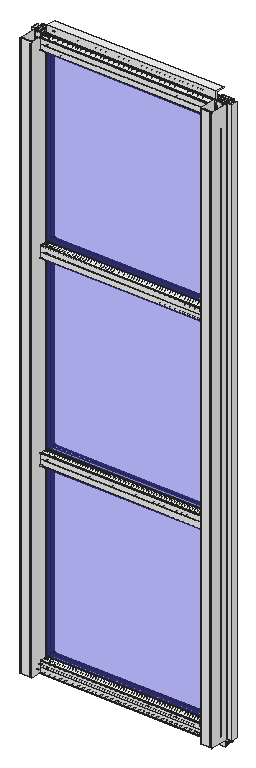
Revit family "Facade_60_Curtain_Wall_S13_Custom", category Windows, host Wall, Revit 2014 (continued)
Definition of nested family "F60 Vertical Profile Side_S13_Cust"
  Automatic sketch dimensions
    Extrusion 9 sketch curve to Extrusion 9 sketch curve = 1.393 mm
    Extrusion 9 sketch curve to Extrusion 9 sketch curve = 1.923 mm
    Extrusion 9 sketch curve to Extrusion 9 sketch curve = 11.937 mm
    Extrusion 9 sketch curve to Extrusion 9 sketch curve = 1.6 mm
    Extrusion 9 sketch curve to Extrusion 9 sketch curve = 0.9 mm  (x2)
    Extrusion 9 sketch curve to Extrusion 9 sketch curve = 1.356 mm  (x2)
    Extrusion 9 sketch curve to Extrusion 9 sketch curve = 0.714 mm
    Extrusion 9 sketch curve to Extrusion 9 sketch curve = 0.02 mm
    Extrusion 9 sketch curve to Extrusion 9 sketch curve = 0.399 mm
    Extrusion 9 sketch curve to Extrusion 9 sketch curve = 2.224 mm
    Extrusion 9 sketch curve to Extrusion 9 sketch curve = 0.448 mm
    Extrusion 9 sketch curve to plane 1 "Center (Front/Back)" = 0.198 mm
    Extrusion 9 sketch curve to plane 1 "Center (Front/Back)" = 0.201 mm
    Extrusion 9 sketch curve to Extrusion 9 sketch curve = 0.032 mm
    Extrusion 9 sketch curve to Extrusion 9 sketch curve = 0 mm
    plane 3 "Center (Left/Right)" to Extrusion 10 sketch curve = 1.014 mm
    Extrusion 10 sketch curve to Extrusion 10 sketch curve = 0.469 mm  (x2)
    plane 3 "Center (Left/Right)" to Extrusion 10 sketch curve = 1.706 mm
    Extrusion 10 sketch curve to Extrusion 10 sketch curve = 1.079 mm
    Extrusion 10 sketch curve to Extrusion 10 sketch curve = 0.864 mm
    Extrusion 10 sketch curve to Extrusion 10 sketch curve = 1.15 mm  (x4)
    Extrusion 10 sketch curve to Extrusion 10 sketch curve = 3.2 mm  (x2)
    Extrusion 10 sketch curve to Extrusion 10 sketch curve = 3.031 mm  (x2)
    Extrusion 10 sketch curve to Extrusion 10 sketch curve = 0.6 mm  (x3)
    Extrusion 10 sketch curve to Extrusion 10 sketch curve = 15.584 mm  (x2)
    Extrusion 10 sketch curve to Extrusion 10 sketch curve = 0.808 mm  (x2)
    Extrusion 10 sketch curve to Extrusion 10 sketch curve = 3.038 mm
    Extrusion 10 sketch curve to Extrusion 10 sketch curve = 0.865 mm
    Extrusion 10 sketch curve to Extrusion 10 sketch curve = 1.25 mm  (x5)
    Extrusion 10 sketch curve to Extrusion 10 sketch curve = 0.61 mm
    plane 1 "Center (Front/Back)" to Extrusion 10 sketch curve = 31.288 mm
    Extrusion 10 sketch curve to Extrusion 10 sketch curve = 0.362 mm
    plane 1 "Center (Front/Back)" to Extrusion 10 sketch curve = 31.65 mm
    Extrusion 10 sketch curve to Extrusion 10 sketch curve = 0.962 mm
    Extrusion 10 sketch curve to Extrusion 10 sketch curve = 0.85 mm
    Extrusion 10 sketch curve to Extrusion 10 sketch curve = 0.512 mm  (x2)
    Extrusion 10 sketch curve to Extrusion 10 sketch curve = 0.4 mm  (x2)
    Extrusion 10 sketch curve to Extrusion 10 sketch curve = 1 mm
    Extrusion 10 sketch curve to Extrusion 10 sketch curve = 2.8 mm
    Extrusion 10 sketch curve to Extrusion 10 sketch curve = 0 mm  (x2)
    Extrusion 10 sketch curve to Extrusion 10 sketch curve = 1.4 mm
    Extrusion 10 sketch curve to Extrusion 10 sketch curve = 0.539 mm  (x2)
    plane 1 "Center (Front/Back)" to Extrusion 10 sketch curve = 28.864 mm
    Extrusion 11 sketch curve to plane 3 "Center (Left/Right)" = 0 mm
    plane 3 "Center (Left/Right)" to Extrusion 11 sketch curve = 0.65 mm
    Extrusion 11 sketch curve to Extrusion 11 sketch curve = 0.128 mm  (x2)
    plane 3 "Center (Left/Right)" to Extrusion 11 sketch curve = 1.014 mm
    plane 3 "Center (Left/Right)" to Extrusion 11 sketch curve = 1.05 mm
    Extrusion 11 sketch curve to Extrusion 11 sketch curve = 0.469 mm  (x2)
    Extrusion 11 sketch curve to Extrusion 11 sketch curve = 1.079 mm
    Extrusion 11 sketch curve to Extrusion 11 sketch curve = 1.317 mm  (x2)
    Extrusion 11 sketch curve to Extrusion 11 sketch curve = 0 mm  (x3)
    plane 3 "Center (Left/Right)" to Extrusion 11 sketch curve = 3.85 mm
    Extrusion 11 sketch curve to Extrusion 11 sketch curve = 0.15 mm  (x2)
    Extrusion 11 sketch curve to Extrusion 11 sketch curve = 26 mm  (x2)
    Extrusion 11 sketch curve to Extrusion 11 sketch curve = 1.05 mm
    Extrusion 11 sketch curve to Extrusion 11 sketch curve = 0.707 mm
    Extrusion 11 sketch curve to Extrusion 11 sketch curve = 0.433 mm
    plane 1 "Center (Front/Back)" to Extrusion 11 sketch curve = 31.288 mm
    plane 1 "Center (Front/Back)" to Extrusion 11 sketch curve = 28.065 mm
    Extrusion 11 sketch curve to Extrusion 11 sketch curve = 1.314 mm
    Extrusion 11 sketch curve to Extrusion 11 sketch curve = 0.65 mm
    Extrusion 11 sketch curve to Extrusion 11 sketch curve = 0.5 mm  (x2)
    plane 1 "Center (Front/Back)" to Extrusion 11 sketch curve = 32.75 mm
    Extrusion 11 sketch curve to Extrusion 11 sketch curve = 0.1 mm  (x3)
    Extrusion 11 sketch curve to Extrusion 11 sketch curve = 1.1 mm  (x2)
    Extrusion 11 sketch curve to Extrusion 11 sketch curve = 8.608 mm
    Extrusion 11 sketch curve to Extrusion 11 sketch curve = 0.962 mm
    Extrusion 12 sketch curve to plane 3 "Center (Left/Right)" = 21.349 mm
    Extrusion 12 sketch curve to Extrusion 12 sketch curve = 6.35 mm
    plane 3 "Center (Left/Right)" to Extrusion 12 sketch curve = 10.403 mm
    plane 1 "Center (Front/Back)" to Extrusion 12 sketch curve = 35.567 mm
    plane 1 "Center (Front/Back)" to Extrusion 12 sketch curve = 10.171 mm
    plane 1 "Center (Front/Back)" to Extrusion 12 sketch curve = 3.821 mm
    Extrusion 13 sketch curve to plane 3 "Center (Left/Right)" = 21.35 mm
    Extrusion 13 sketch curve to Extrusion 13 sketch curve = 6.35 mm
    plane 3 "Center (Left/Right)" to Extrusion 13 sketch curve = 10.402 mm
    plane 1 "Center (Front/Back)" to Extrusion 13 sketch curve = 33.172 mm
    plane 1 "Center (Front/Back)" to Extrusion 13 sketch curve = 7.775 mm
    plane 1 "Center (Front/Back)" to Extrusion 13 sketch curve = 1.425 mm
    Extrusion 14 sketch curve to plane 3 "Center (Left/Right)" = 0 mm
    plane 3 "Center (Left/Right)" to Extrusion 14 sketch curve = 1.2 mm
    Extrusion 14 sketch curve to Extrusion 14 sketch curve = 9.6 mm
    Extrusion 14 sketch curve to Extrusion 14 sketch curve = 1.2 mm  (x3)
    plane 1 "Center (Front/Back)" to Extrusion 14 sketch curve = 25.775 mm
    plane 1 "Center (Front/Back)" to Extrusion 14 sketch curve = 8.975 mm
    curve 4 to Extrusion 6 = 0 mm
    curve 3 to Extrusion 6 = 0 mm
    curve 1 to Extrusion 6 = 0 mm
    curve 4 to Extrusion 6 = 3.6 mm
    curve 3 to Extrusion 6 = 3.6 mm
    curve 1 to Extrusion 6 = 3.6 mm
    Extrusion 6 to curve 2 = 1 mm
    Extrusion 6 to curve 5 = 1 mm
    Extrusion 6 to curve 6 = 1 mm
    curve 6 to Extrusion 6 = 1 mm
    curve 5 to Extrusion 6 = 1 mm
    curve 2 to Extrusion 6 = 1 mm
    curve 9 to Extrusion 6 = 0 mm
    curve 8 to Extrusion 6 = 0 mm
    curve 7 to Extrusion 6 = 0 mm
    Extrusion 6 to curve 8 = 3.6 mm
    Extrusion 6 to curve 9 = 3.6 mm
    Extrusion 6 to curve 7 = 3.6 mm
    curve 12 to Extrusion 5 = 25.894 mm
    curve 11 to Extrusion 5 = 25.894 mm
    curve 10 to Extrusion 5 = 25.894 mm
    curve 10 to Extrusion 5 = 0.108 mm
    Extrusion 5 to curve 12 = 0.703 mm
    Extrusion 5 to curve 11 = 0.703 mm
    curve 13 to Extrusion 5 = 4 mm
    curve 14 to Extrusion 5 = 4 mm
    curve 15 to Extrusion 5 = 4 mm
    Extrusion 5 to curve 15 = 0.702 mm
    Extrusion 5 to curve 14 = 0.702 mm
    Extrusion 5 to curve 13 = 0.702 mm
    curve 18 to Extrusion 7 = 0 mm
    curve 17 to Extrusion 7 = 0 mm
    curve 16 to Extrusion 7 = 0 mm
    Extrusion 7 to curve 17 = 3.6 mm
    Extrusion 7 to curve 18 = 3.6 mm
    Extrusion 7 to curve 16 = 3.6 mm
    Extrusion 7 to curve 21 = 1 mm  (x2)
    Extrusion 7 to curve 20 = 1 mm  (x2)
    Extrusion 7 to curve 19 = 1 mm  (x2)
    curve 24 to Extrusion 7 = 0 mm
    curve 23 to Extrusion 7 = 0 mm
    curve 22 to Extrusion 7 = 0 mm
    curve 24 to Extrusion 7 = 3.6 mm
    curve 23 to Extrusion 7 = 3.6 mm
    curve 22 to Extrusion 7 = 3.6 mm
    curve 27 to Extrusion 8 = 0 mm
    curve 26 to Extrusion 8 = 0 mm
    curve 25 to Extrusion 8 = 0 mm
    Extrusion 8 to curve 26 = 3.6 mm
    Extrusion 8 to curve 27 = 3.6 mm
    Extrusion 8 to curve 25 = 3.6 mm
    Extrusion 8 to curve 30 = 0.221 mm
    Extrusion 8 to curve 29 = 0.221 mm
    Extrusion 8 to curve 28 = 0.221 mm
    curve 29 to Extrusion 8 = 0.222 mm
    curve 30 to Extrusion 8 = 0.222 mm
    curve 28 to Extrusion 8 = 0.222 mm
    curve 33 to Extrusion 8 = 0 mm
    curve 32 to Extrusion 8 = 0 mm
    curve 31 to Extrusion 8 = 0 mm
    curve 33 to Extrusion 8 = 3.6 mm
    curve 32 to Extrusion 8 = 3.6 mm
    curve 31 to Extrusion 8 = 3.6 mm
    curve 34 to Extrusion 11 = 4.016 mm
    curve 35 to Extrusion 11 = 4.016 mm
    curve 36 to Extrusion 11 = 3.97 mm
    Extrusion 11 to curve 36 = 0.637 mm
    Extrusion 11 to curve 35 = 0.637 mm
    Extrusion 11 to curve 34 = 0.637 mm
    curve 37 to Extrusion 11 = 29.221 mm
    curve 38 to Extrusion 11 = 29.221 mm
    curve 39 to Extrusion 11 = 29.221 mm
    Extrusion 11 to curve 39 = 3.222 mm
    Extrusion 11 to curve 38 = 3.222 mm
    Extrusion 11 to curve 37 = 3.222 mm
Definition of nested family "F60 Horizontal Profile Top_S13_Cust"
  Parameters (values of type "F60 Horizontal Profile Top")
    Thermal Break Material [instance] = none
    Single Glazing [instance] = yes
    Profile Material [instance] = none
    Length [instance] = 250 mm
    Double Glazing [instance] = yes
  Reference planes
    plane 1 "Center (Front/Back)": y = 0
    plane 2: z = 0
    plane 3 "Center (Left/Right)": x = 0
  Forms (mm)
    Extrusion 1, solid, material <- "Profile Material"
      sketch origin (0, 0, 0) x (0, 1, 0) y (0, 0, 1)
        loop
          line (-9.94, 7.845) -> (-8.37, 6.275) -> (-1.2, 10.415) -> (-1.2, 1.2) -> (-5, 1.2) -> (-5, 0) -> (-1, 0)
          arc (-1, 0) -> (-0.293, 0.293) -> (0, 1) r 1
          line (0, 1) -> (0, 30) -> (0, 59)
          arc (0, 59) -> (-0.293, 59.707) -> (-1, 60) r 1
          line (-1, 60) -> (-5, 60) -> (-5, 58.8) -> (-1.2, 58.8) -> (-1.2, 49.585) -> (-8.37, 53.725) -> (-9.94, 52.155)
          arc (-9.94, 52.155) -> (-9.902, 51.269) -> (-9.016, 51.232) r 0.655
          line (-9.016, 51.232) -> (-8.077, 52.17) -> (-1.2, 48.2) -> (-1.2, 30) -> (-1.2, 11.8) -> (-8.077, 7.83) -> (-9.016, 8.768)
          arc (-9.016, 8.768) -> (-9.902, 8.731) -> (-9.94, 7.845) r 0.655
      from 0 to 250 <- "Length"
    Extrusion 2, solid, material <- "Profile Material"
      sketch origin (0, 0, 0) x (0, 1, 0) y (0, 0, 1)
        loop
          line (-5, 60) -> (-44.6, 60) -> (-44.6, 58.35) -> (-39.944, 58.35) -> (-39.944, 1.65) -> (-44.6, 1.65) -> (-44.6, 0) -> (-5, 0) -> (-5, 2.2) -> (-4.2, 2.2) -> (-4.2, 3.018)
          arc (-4.2, 3.018) -> (-4.352, 3.783) -> (-4.786, 4.432) r 2
          line (-4.786, 4.432) -> (-7.054, 6.7) -> (-8, 6.489) -> (-8, 5.7) -> (-7.205, 5.7) -> (-7.205, 2.95) -> (-8, 2.95) -> (-8, 1.95) -> (-12.752, 1.95) -> (-12.752, 6.7) -> (-14.152, 6.7) -> (-14.152, 1.65) -> (-38.65, 1.65) -> (-38.65, 8.33) -> (-37.097, 8.33) -> (-34.666, 6.973)
          arc (-34.666, 6.973) -> (-33.846, 7.192) -> (-34.066, 8.012) r 0.6
          line (-34.066, 8.012) -> (-37.128, 9.78) -> (-38.65, 9.78) -> (-38.65, 12.65) -> (-37.6, 13.7) -> (-37.6, 20.3) -> (-38.65, 21.35) -> (-38.65, 38.65) -> (-37.6, 39.7) -> (-37.6, 46.3) -> (-38.65, 47.35) -> (-38.65, 50.22) -> (-37.128, 50.22) -> (-34.066, 51.988)
          arc (-34.066, 51.988) -> (-33.846, 52.808) -> (-34.666, 53.027) r 0.6
          line (-34.666, 53.027) -> (-37.032, 51.661) -> (-38.65, 51.661) -> (-38.65, 58.35) -> (-14.152, 58.35) -> (-14.152, 53.3) -> (-12.752, 53.3) -> (-12.752, 58.05) -> (-8, 58.05) -> (-8, 57.05) -> (-7.205, 57.05) -> (-7.205, 54.3) -> (-8, 54.3) -> (-8, 53.511) -> (-7.054, 53.3) -> (-4.786, 55.568)
          arc (-4.786, 55.568) -> (-4.352, 56.217) -> (-4.2, 56.982) r 2
          line (-4.2, 56.982) -> (-4.2, 57.8) -> (-5, 57.8) -> (-5, 60)
      from 0 to 250 <- "Length"
    Extrusion 3, solid, material <- "Thermal Break Material"
      sketch origin (0, 0, 0) x (0, 1, 0) y (0, 0, 1)
        loop
          line (-40, 1.75) -> (-40, 30) -> (-40, 58.25) -> (-44.6, 58.25) -> (-44.6, 60) -> (-45.9, 60) -> (-45.9, 53.65) -> (-41.788, 53.65)
          arc (-41.788, 53.65) -> (-41.363, 53.474) -> (-41.187, 53.05) r 0.6
          line (-41.187, 53.05) -> (-41.187, 30) -> (-41.187, 6.95)
          arc (-41.187, 6.95) -> (-41.363, 6.526) -> (-41.788, 6.35) r 0.6
          line (-41.788, 6.35) -> (-45.9, 6.35) -> (-45.9, 0) -> (-44.6, 0) -> (-44.6, 1.75) -> (-40, 1.75)
      from 0 to 250 <- "Length"
    Extrusion 4, solid, material <- "Profile Material"
      sketch origin (0, 0, 0) x (0, 1, 0) y (0, 0, 1)
        loop
          line (-58.5, 25.249) -> (-43.6, 25.249)
          arc (-43.6, 25.249) -> (-43.034, 25.015) -> (-42.8, 24.449) r 0.8
          line (-42.8, 24.449) -> (-42.8, 7.9) -> (-44.4, 7.9) -> (-44.4, 9.45) -> (-45.25, 9.45)
          arc (-45.25, 9.45) -> (-45.674, 9.274) -> (-45.85, 8.85) r 0.6
          line (-45.85, 8.85) -> (-45.85, 7.9) -> (-48.8, 7.9)
          arc (-48.8, 7.9) -> (-49.3, 8.4) -> (-49.8, 7.9) r 0.5
          line (-49.8, 7.9) -> (-49.8, 5.55) -> (-48.65, 5.55) -> (-48.65, 6.7) -> (-47.35, 6.7) -> (-47.35, 1.2) -> (-48.65, 1.2) -> (-48.65, 2.35) -> (-49.8, 2.35) -> (-49.8, 0.5)
          arc (-49.8, 0.5) -> (-49.654, 0.146) -> (-49.3, 0) r 0.5
          line (-49.3, 0) -> (-45.9, 0) -> (-45.9, 6.45) -> (-42.2, 6.45)
          arc (-42.2, 6.45) -> (-41.634, 6.684) -> (-41.4, 7.25) r 0.8
          line (-41.4, 7.25) -> (-41.4, 30) -> (-41.4, 52.75)
          arc (-41.4, 52.75) -> (-41.634, 53.316) -> (-42.2, 53.55) r 0.8
          line (-42.2, 53.55) -> (-45.9, 53.55) -> (-45.9, 60) -> (-49.3, 60)
          arc (-49.3, 60) -> (-49.654, 59.854) -> (-49.8, 59.5) r 0.5
          line (-49.8, 59.5) -> (-49.8, 57.65) -> (-48.65, 57.65) -> (-48.65, 58.8) -> (-47.35, 58.8) -> (-47.35, 53.3) -> (-48.65, 53.3) -> (-48.65, 54.45) -> (-49.8, 54.45) -> (-49.8, 52.1)
          arc (-49.8, 52.1) -> (-49.3, 51.6) -> (-48.8, 52.1) r 0.5
          line (-48.8, 52.1) -> (-45.85, 52.1) -> (-45.85, 51.15)
          arc (-45.85, 51.15) -> (-45.674, 50.726) -> (-45.25, 50.55) r 0.6
          line (-45.25, 50.55) -> (-44.4, 50.55) -> (-44.4, 52.1) -> (-42.8, 52.1) -> (-42.8, 35.551)
          arc (-42.8, 35.551) -> (-43.034, 34.985) -> (-43.6, 34.751) r 0.8
          line (-43.6, 34.751) -> (-58.5, 34.751)
          arc (-58.5, 34.751) -> (-59.066, 34.516) -> (-59.3, 33.951) r 0.8
          line (-59.3, 33.951) -> (-59.3, 32.902) -> (-42.8, 32.902) -> (-42.8, 27.1) -> (-59.3, 27.1) -> (-59.3, 26.049)
          arc (-59.3, 26.049) -> (-59.066, 25.484) -> (-58.5, 25.249) r 0.8
      from 0 to 250 <- "Length"
    Extrusion 5, solid, material <- "Thermal Break Material", visible <- "Single Glazing"
      sketch origin (0, 0, 0) x (0, 1, 0) y (0, 0, 1)
        loop
          arc (-63.8, 25.751) -> (-63.654, 25.397) -> (-63.3, 25.251) r 0.5
          line (-63.3, 25.251) -> (-59.8, 25.251)
          arc (-59.8, 25.251) -> (-59.446, 25.397) -> (-59.3, 25.751) r 0.5
          line (-59.3, 25.751) -> (-59.3, 27.648) -> (-49.599, 27.648) -> (-47.528, 28.651)
          arc (-47.528, 28.651) -> (-46.803, 30.001) -> (-47.528, 31.351) r 1.62
          line (-47.528, 31.351) -> (-49.599, 32.353) -> (-59.3, 32.353) -> (-59.3, 34.251)
          arc (-59.3, 34.251) -> (-59.446, 34.604) -> (-59.8, 34.751) r 0.5
          line (-59.8, 34.751) -> (-63.3, 34.751)
          arc (-63.3, 34.751) -> (-63.654, 34.604) -> (-63.8, 34.251) r 0.5
          line (-63.8, 34.251) -> (-63.8, 32.328) -> (-62.4, 31.52) -> (-62.4, 28.483) -> (-63.8, 27.673) -> (-63.8, 25.751)
        loop
          line (-59.794, 28.506) -> (-59.006, 29.294)
          arc (-59.006, 29.294) -> (-58.788, 29.618) -> (-58.713, 30.001) r 0.986
          arc (-58.713, 30.001) -> (-58.79, 30.384) -> (-59.008, 30.71) r 1.007
          line (-59.008, 30.71) -> (-59.794, 31.496) -> (-60.65, 31.496)
          arc (-60.65, 31.496) -> (-61.004, 31.349) -> (-61.15, 30.996) r 0.5
          line (-61.15, 30.996) -> (-61.15, 29.006)
          arc (-61.15, 29.006) -> (-61.004, 28.652) -> (-60.65, 28.506) r 0.5
          line (-60.65, 28.506) -> (-59.794, 28.506)
        loop
          line (-47.854, 30.898) -> (-49.415, 31.653) -> (-56.782, 31.653)
          arc (-56.782, 31.653) -> (-57.207, 31.417) -> (-57.23, 30.932) r 0.5
          arc (-57.23, 30.932) -> (-57.013, 30.001) -> (-57.23, 29.07) r 2.099
          arc (-57.23, 29.07) -> (-57.207, 28.584) -> (-56.782, 28.348) r 0.5
          line (-56.782, 28.348) -> (-49.415, 28.348) -> (-48.055, 29.007)
          arc (-48.055, 29.007) -> (-47.35, 29.888) -> (-47.854, 30.898) r 1.047
      from 0 to 250 <- "Length"
    Extrusion 6, solid, material <- "Profile Material", visible <- "Single Glazing"
      sketch origin (0, 0, 0) x (0, 1, 0) y (0, 0, 1)
        loop
          line (-63.8, 52.694) -> (-64.8, 52.694) -> (-64.8, 51.544) -> (-66.05, 51.544) -> (-66.05, 57.044) -> (-64.8, 57.044) -> (-64.8, 55.894) -> (-63.8, 55.894) -> (-63.8, 58.294)
          arc (-63.8, 58.294) -> (-64.082, 58.803) -> (-64.664, 58.835) r 0.6
          line (-64.664, 58.835) -> (-66.562, 57.91) -> (-67.088, 58.988) -> (-68.05, 58.519) -> (-68.05, 48.513)
          arc (-68.05, 48.513) -> (-67.874, 48.089) -> (-67.45, 47.913) r 0.6
          line (-67.45, 47.913) -> (-66.6, 47.913) -> (-66.6, 12.09) -> (-67.45, 12.09)
          arc (-67.45, 12.09) -> (-67.874, 11.914) -> (-68.05, 11.49) r 0.6
          line (-68.05, 11.49) -> (-68.05, 1.485) -> (-67.088, 1.016) -> (-66.562, 2.095) -> (-64.663, 1.169)
          arc (-64.663, 1.169) -> (-64.082, 1.2) -> (-63.8, 1.709) r 0.6
          line (-63.8, 1.709) -> (-63.8, 4.109) -> (-64.8, 4.109) -> (-64.8, 2.959) -> (-66.05, 2.959) -> (-66.05, 8.459) -> (-64.8, 8.459) -> (-64.8, 7.309) -> (-63.8, 7.309) -> (-63.8, 27.674) -> (-62.4, 28.483) -> (-62.4, 31.521) -> (-63.8, 32.329) -> (-63.8, 52.694)
      from 0 to 250 <- "Length"
    Extrusion 7, solid, material <- "Profile Material", visible <- "Single Glazing"
      sketch origin (0, 0, 0) x (0, 1, 0) y (0, 0, 1)
        loop
          line (-68.551, 3.3) -> (-76.559, 3.3) -> (-76.559, 30) -> (-76.559, 56.15)
          arc (-76.559, 56.15) -> (-75.739, 58.13) -> (-73.759, 58.95) r 2.8
          line (-73.759, 58.95) -> (-69.151, 58.95) -> (-69.151, 57.2)
          arc (-69.151, 57.2) -> (-68.987, 56.829) -> (-68.601, 56.703) r 0.5
          arc (-68.601, 56.703) -> (-68.216, 56.829) -> (-68.051, 57.2) r 0.5
          line (-68.051, 57.2) -> (-68.051, 58.517) -> (-67.089, 58.986) -> (-66.563, 57.907) -> (-63.866, 59.222)
          arc (-63.866, 59.222) -> (-64.001, 59.762) -> (-64.504, 60) r 0.65
          line (-64.504, 60) -> (-73.859, 60)
          arc (-73.859, 60) -> (-76.687, 58.828) -> (-77.859, 56) r 4
          line (-77.859, 56) -> (-77.859, 30) -> (-77.859, 2.493)
          arc (-77.859, 2.493) -> (-77.197, 0.799) -> (-75.562, 0.002) r 2.5
          arc (-75.562, 0.002) -> (-75.182, 0.132) -> (-75.021, 0.5) r 0.5
          line (-75.021, 0.5) -> (-75.021, 2) -> (-69.151, 2) -> (-69.151, 0.5)
          arc (-69.151, 0.5) -> (-69.005, 0.146) -> (-68.651, 0) r 0.5
          line (-68.651, 0) -> (-64.504, 0)
          arc (-64.504, 0) -> (-64.001, 0.238) -> (-63.866, 0.778) r 0.65
          line (-63.866, 0.778) -> (-66.563, 2.093) -> (-67.089, 1.014) -> (-68.051, 1.483) -> (-68.051, 2.8)
          arc (-68.051, 2.8) -> (-68.198, 3.154) -> (-68.551, 3.3) r 0.5
      from 0 to 250 <- "Length"
    Extrusion 8, solid, material <- "Thermal Break Material", visible <- "Double Glazing"
      sketch origin (0, 0, 0) x (0, 1, 0) y (0, 0, 1)
        loop
          line (-77.8, 27.673) -> (-77.8, 25.751)
          arc (-77.8, 25.751) -> (-77.654, 25.397) -> (-77.3, 25.251) r 0.5
          line (-77.3, 25.251) -> (-59.8, 25.251)
          arc (-59.8, 25.251) -> (-59.446, 25.397) -> (-59.3, 25.751) r 0.5
          line (-59.3, 25.751) -> (-59.3, 27.647) -> (-49.599, 27.647) -> (-47.528, 28.649)
          arc (-47.528, 28.649) -> (-46.803, 29.999) -> (-47.528, 31.349) r 1.62
          line (-47.528, 31.349) -> (-49.602, 32.353) -> (-59.3, 32.353) -> (-59.3, 34.251)
          arc (-59.3, 34.251) -> (-59.446, 34.604) -> (-59.8, 34.751) r 0.5
          line (-59.8, 34.751) -> (-77.3, 34.751)
          arc (-77.3, 34.751) -> (-77.654, 34.604) -> (-77.8, 34.251) r 0.5
          line (-77.8, 34.251) -> (-77.8, 32.327) -> (-76.4, 31.52) -> (-76.4, 28.482) -> (-77.8, 27.673)
        loop
          line (-59.006, 30.708) -> (-61.156, 32.858)
          arc (-61.156, 32.858) -> (-61.48, 33.074) -> (-61.863, 33.151) r 1
          line (-61.863, 33.151) -> (-73.8, 33.151)
          arc (-73.8, 33.151) -> (-74.507, 32.858) -> (-74.8, 32.151) r 1
          line (-74.8, 32.151) -> (-74.8, 27.851)
          arc (-74.8, 27.851) -> (-74.507, 27.144) -> (-73.8, 26.851) r 1
          line (-73.8, 26.851) -> (-61.863, 26.851)
          arc (-61.863, 26.851) -> (-61.48, 26.927) -> (-61.156, 27.144) r 1
          line (-61.156, 27.144) -> (-59.006, 29.294)
          arc (-59.006, 29.294) -> (-58.788, 29.618) -> (-58.713, 30.001) r 0.986
          arc (-58.713, 30.001) -> (-58.79, 30.383) -> (-59.006, 30.708) r 1.007
        loop
          line (-56.782, 28.347) -> (-49.415, 28.347) -> (-48.055, 29.005)
          arc (-48.055, 29.005) -> (-47.35, 29.887) -> (-47.854, 30.896) r 1.047
          line (-47.854, 30.896) -> (-49.415, 31.652) -> (-56.782, 31.652)
          arc (-56.782, 31.652) -> (-57.207, 31.416) -> (-57.23, 30.93) r 0.5
          arc (-57.23, 30.93) -> (-57.013, 29.999) -> (-57.23, 29.068) r 2.099
          arc (-57.23, 29.068) -> (-57.207, 28.583) -> (-56.782, 28.347) r 0.5
      from 0 to 250 <- "Length"
    Extrusion 9, solid, material <- "Profile Material", visible <- "Double Glazing"
      sketch origin (0, 0, 0) x (0, 1, 0) y (0, 0, 1)
        loop
          line (-77.8, 52.694) -> (-78.8, 52.694) -> (-78.8, 51.544) -> (-80.05, 51.544) -> (-80.05, 57.044) -> (-78.8, 57.044) -> (-78.8, 55.894) -> (-77.8, 55.894) -> (-77.8, 58.294)
          arc (-77.8, 58.294) -> (-78.082, 58.802) -> (-78.664, 58.834) r 0.6
          line (-78.664, 58.834) -> (-80.562, 57.909) -> (-81.088, 58.988) -> (-82.05, 58.518) -> (-82.05, 48.512)
          arc (-82.05, 48.512) -> (-81.874, 48.088) -> (-81.45, 47.912) r 0.6
          line (-81.45, 47.912) -> (-80.6, 47.912) -> (-80.6, 12.089) -> (-81.45, 12.089)
          arc (-81.45, 12.089) -> (-81.874, 11.913) -> (-82.05, 11.489) r 0.6
          line (-82.05, 11.489) -> (-82.05, 1.484) -> (-81.088, 1.015) -> (-80.562, 2.094) -> (-78.663, 1.169)
          arc (-78.663, 1.169) -> (-78.082, 1.199) -> (-77.8, 1.708) r 0.6
          line (-77.8, 1.708) -> (-77.8, 4.108) -> (-78.8, 4.108) -> (-78.8, 2.958) -> (-80.05, 2.958) -> (-80.05, 8.458) -> (-78.8, 8.458) -> (-78.8, 7.308) -> (-77.8, 7.308) -> (-77.8, 27.673) -> (-76.4, 28.482) -> (-76.4, 31.52) -> (-77.8, 32.328) -> (-77.8, 52.694)
      from 0 to 250 <- "Length"
    Extrusion 10, solid, material <- "Profile Material", visible <- "Double Glazing"
      sketch origin (0, 0, 0) x (0, 1, 0) y (0, 0, 1)
        loop
          line (-82.551, 3.3) -> (-90.558, 3.3) -> (-90.558, 30) -> (-90.558, 56.15)
          arc (-90.558, 56.15) -> (-89.738, 58.13) -> (-87.758, 58.95) r 2.8
          line (-87.758, 58.95) -> (-83.151, 58.95) -> (-83.151, 57.2)
          arc (-83.151, 57.2) -> (-82.986, 56.829) -> (-82.601, 56.703) r 0.5
          arc (-82.601, 56.703) -> (-82.215, 56.829) -> (-82.051, 57.2) r 0.5
          line (-82.051, 57.2) -> (-82.051, 58.517) -> (-81.088, 58.986) -> (-80.563, 57.907) -> (-77.866, 59.222)
          arc (-77.866, 59.222) -> (-78, 59.762) -> (-78.503, 60) r 0.65
          line (-78.503, 60) -> (-87.858, 60)
          arc (-87.858, 60) -> (-90.687, 58.828) -> (-91.858, 56) r 4
          line (-91.858, 56) -> (-91.858, 30) -> (-91.858, 2.493)
          arc (-91.858, 2.493) -> (-91.196, 0.799) -> (-89.561, 0.002) r 2.5
          arc (-89.561, 0.002) -> (-89.182, 0.132) -> (-89.021, 0.5) r 0.5
          line (-89.021, 0.5) -> (-89.021, 2) -> (-83.151, 2) -> (-83.151, 0.5)
          arc (-83.151, 0.5) -> (-83.004, 0.146) -> (-82.651, 0) r 0.5
          line (-82.651, 0) -> (-78.503, 0)
          arc (-78.503, 0) -> (-78, 0.238) -> (-77.866, 0.778) r 0.65
          line (-77.866, 0.778) -> (-80.563, 2.093) -> (-81.088, 1.014) -> (-82.051, 1.483) -> (-82.051, 2.8)
          arc (-82.051, 2.8) -> (-82.197, 3.154) -> (-82.551, 3.3) r 0.5
      from 0 to 250 <- "Length"
    Extrusion 11, solid, material <- "Profile Material", visible <- "Double Glazing"
      sketch origin (0, 0, 0) x (0, 1, 0) y (0, 0, 1)
        loop
          line (-57.8, 45.73) -> (-51.8, 45.73) -> (-51.8, 95.73) -> (-101.8, 95.73) -> (-101.8, 89.73) -> (-57.8, 89.73) -> (-57.8, 45.73)
      from 0 to 250 <- "Length"
    Extrusion 12, solid, material <- "Profile Material", visible <- "Double Glazing"
      sketch origin (0, 0, 0) x (0, 1, 0) y (0, 0, 1)
        loop
          line (-75.8, 48) -> (-57.8, 48) -> (-57.8, 60) -> (-75.8, 60) -> (-75.8, 48)
        loop
          line (-74.6, 49.2) -> (-59, 49.2) -> (-59, 58.8) -> (-74.6, 58.8) -> (-74.6, 49.2)
      from 0 to 250 <- "Length"
    Extrusion 13, solid, material <- "Profile Material", visible <- "Single Glazing"
      sketch origin (0, 0, 0) x (0, 1, 0) y (0, 0, 1)
        loop
          line (-59.8, 45.865) -> (-53.8, 45.865) -> (-53.8, 95.865) -> (-103.8, 95.865) -> (-103.8, 89.865) -> (-59.8, 89.865) -> (-59.8, 45.865)
      from 0 to 250 <- "Length"
  Dimensions and locks
    aligned and locked: level to plane 2
Definition of nested family "F60 Sill_S13_Cust"
  Parameters (values of type "F60 Sill")
    Profile Material [instance] = none
    Length Sill [instance] = 250 mm
  Reference planes
    plane 1 "Center (Front/Back)": y = 0
    plane 2: z = 0
    plane 3 "Center (Left/Right)": x = 0
  Forms (mm)
    Extrusion 1, solid, material <- "Profile Material"
      sketch origin (0, 0, 0) x (0, 1, 0) y (0, 0, 1)
        loop
          line (-42.734, 5.324) -> (-48.256, 4.643)
          arc (-48.256, 4.643) -> (-49.196, 4.147) -> (-49.572, 3.154) r 1.5
          line (-49.572, 3.154) -> (-49.572, 1.88) -> (-47.772, 1.88) -> (-47.772, 3.191) -> (-19.233, 6.714)
          arc (-19.233, 6.714) -> (-17.924, 7.083) -> (-16.785, 7.826) r 4.5
          line (-16.785, 7.826) -> (-16.785, 1.88) -> (-15.285, 1.88) -> (-15.285, 24.58)
          arc (-15.285, 24.58) -> (-15.109, 25.004) -> (-14.685, 25.18) r 0.6
          line (-14.685, 25.18) -> (-4.072, 25.18) -> (-4.072, 1.88) -> (-2.572, 1.88) -> (-2.572, 29.88) -> (-4.072, 29.88) -> (-4.072, 28.88) -> (-5.222, 28.88) -> (-5.222, 27.68) -> (-4.072, 27.68) -> (-4.072, 26.38) -> (-9.572, 26.38) -> (-9.572, 27.68) -> (-8.422, 27.68) -> (-8.422, 28.88) -> (-10.172, 28.88)
          arc (-10.172, 28.88) -> (-10.597, 28.704) -> (-10.772, 28.28) r 0.6
          line (-10.772, 28.28) -> (-10.772, 26.38) -> (-15.285, 26.38)
          arc (-15.285, 26.38) -> (-16.345, 25.941) -> (-16.785, 24.88) r 1.5
          line (-16.785, 24.88) -> (-16.785, 11.18)
          arc (-16.785, 11.18) -> (-17.537, 9.193) -> (-19.417, 8.203) r 3
          line (-19.417, 8.203) -> (-39.35, 5.742)
          arc (-39.35, 5.742) -> (-40.527, 6.107) -> (-41.034, 7.231) r 1.5
          line (-41.034, 7.231) -> (-41.034, 19.996)
          arc (-41.034, 19.996) -> (-40.883, 20.394) -> (-40.507, 20.592) r 0.6
          line (-40.507, 20.592) -> (-32.917, 21.529)
          arc (-32.917, 21.529) -> (-31.977, 22.024) -> (-31.601, 23.017) r 1.5
          line (-31.601, 23.017) -> (-31.601, 28.88) -> (-33.101, 28.88) -> (-33.101, 23.548)
          arc (-33.101, 23.548) -> (-33.251, 23.15) -> (-33.627, 22.952) r 0.6
          line (-33.627, 22.952) -> (-45.787, 21.451)
          arc (-45.787, 21.451) -> (-46.727, 20.956) -> (-47.104, 19.962) r 1.5
          line (-47.104, 19.962) -> (-47.104, 19.054)
          arc (-47.104, 19.054) -> (-46.957, 18.7) -> (-46.604, 18.554) r 0.5
          line (-46.604, 18.554) -> (-45.604, 18.554) -> (-45.604, 19.962) -> (-42.734, 20.317) -> (-42.734, 5.324)
      from 0 to 250 <- "Length Sill"
  Dimensions and locks
    aligned and locked: level to plane 2
Definition of nested family "F60 Horizontal Profile Bottom_S13_Cust"
  Parameters (values of type "F60 Horizontal Profile Bottom")
    Thermal Break Material [instance] = none
    Single Glazing [instance] = yes
    Profile Material [instance] = none
    Length [instance] = 250 mm
    Double Glazing [instance] = yes
  Reference planes
    plane 1 "Center (Front/Back)": y = 0
    plane 2: z = 0
    plane 3 "Center (Left/Right)": x = 0
  Forms (mm)
    Extrusion 1, solid, material <- "Profile Material"
      sketch origin (0, 0, 0) x (0, 1, 0) y (0, 0, 1)
        loop
          line (-9.94, 7.845) -> (-8.37, 6.275) -> (-1.2, 10.415) -> (-1.2, 1.2) -> (-5, 1.2) -> (-5, 0) -> (-1, 0)
          arc (-1, 0) -> (-0.293, 0.293) -> (0, 1) r 1
          line (0, 1) -> (0, 30) -> (0, 59)
          arc (0, 59) -> (-0.293, 59.707) -> (-1, 60) r 1
          line (-1, 60) -> (-5, 60) -> (-5, 58.8) -> (-1.2, 58.8) -> (-1.2, 49.585) -> (-8.37, 53.725) -> (-9.94, 52.155)
          arc (-9.94, 52.155) -> (-9.902, 51.269) -> (-9.016, 51.232) r 0.655
          line (-9.016, 51.232) -> (-8.077, 52.17) -> (-1.2, 48.2) -> (-1.2, 30) -> (-1.2, 11.8) -> (-8.077, 7.83) -> (-9.016, 8.768)
          arc (-9.016, 8.768) -> (-9.902, 8.731) -> (-9.94, 7.845) r 0.655
      from 0 to 250 <- "Length"
    Extrusion 2, solid, material <- "Profile Material"
      sketch origin (0, 0, 0) x (0, 1, 0) y (0, 0, 1)
        loop
          line (-5, 60) -> (-44.6, 60) -> (-44.6, 58.35) -> (-39.944, 58.35) -> (-39.944, 1.65) -> (-44.6, 1.65) -> (-44.6, 0) -> (-5, 0) -> (-5, 2.2) -> (-4.2, 2.2) -> (-4.2, 3.018)
          arc (-4.2, 3.018) -> (-4.352, 3.783) -> (-4.786, 4.432) r 2
          line (-4.786, 4.432) -> (-7.054, 6.7) -> (-8, 6.489) -> (-8, 5.7) -> (-7.205, 5.7) -> (-7.205, 2.95) -> (-8, 2.95) -> (-8, 1.95) -> (-12.752, 1.95) -> (-12.752, 6.7) -> (-14.152, 6.7) -> (-14.152, 1.65) -> (-38.65, 1.65) -> (-38.65, 8.33) -> (-37.097, 8.33) -> (-34.666, 6.973)
          arc (-34.666, 6.973) -> (-33.846, 7.192) -> (-34.066, 8.012) r 0.6
          line (-34.066, 8.012) -> (-37.128, 9.78) -> (-38.65, 9.78) -> (-38.65, 12.65) -> (-37.6, 13.7) -> (-37.6, 20.3) -> (-38.65, 21.35) -> (-38.65, 38.65) -> (-37.6, 39.7) -> (-37.6, 46.3) -> (-38.65, 47.35) -> (-38.65, 50.22) -> (-37.128, 50.22) -> (-34.066, 51.988)
          arc (-34.066, 51.988) -> (-33.846, 52.808) -> (-34.666, 53.027) r 0.6
          line (-34.666, 53.027) -> (-37.032, 51.661) -> (-38.65, 51.661) -> (-38.65, 58.35) -> (-14.152, 58.35) -> (-14.152, 53.3) -> (-12.752, 53.3) -> (-12.752, 58.05) -> (-8, 58.05) -> (-8, 57.05) -> (-7.205, 57.05) -> (-7.205, 54.3) -> (-8, 54.3) -> (-8, 53.511) -> (-7.054, 53.3) -> (-4.786, 55.568)
          arc (-4.786, 55.568) -> (-4.352, 56.217) -> (-4.2, 56.982) r 2
          line (-4.2, 56.982) -> (-4.2, 57.8) -> (-5, 57.8) -> (-5, 60)
      from 0 to 250 <- "Length"
    Extrusion 3, solid, material <- "Thermal Break Material"
      sketch origin (0, 0, 0) x (0, 1, 0) y (0, 0, 1)
        loop
          line (-40, 1.75) -> (-40, 30) -> (-40, 58.25) -> (-44.6, 58.25) -> (-44.6, 60) -> (-45.9, 60) -> (-45.9, 53.65) -> (-41.788, 53.65)
          arc (-41.788, 53.65) -> (-41.363, 53.474) -> (-41.187, 53.05) r 0.6
          line (-41.187, 53.05) -> (-41.187, 30) -> (-41.187, 6.95)
          arc (-41.187, 6.95) -> (-41.363, 6.526) -> (-41.788, 6.35) r 0.6
          line (-41.788, 6.35) -> (-45.9, 6.35) -> (-45.9, 0) -> (-44.6, 0) -> (-44.6, 1.75) -> (-40, 1.75)
      from 0 to 250 <- "Length"
    Extrusion 4, solid, material <- "Profile Material"
      sketch origin (0, 0, 0) x (0, 1, 0) y (0, 0, 1)
        loop
          line (-58.5, 25.249) -> (-43.6, 25.249)
          arc (-43.6, 25.249) -> (-43.034, 25.015) -> (-42.8, 24.449) r 0.8
          line (-42.8, 24.449) -> (-42.8, 7.9) -> (-44.4, 7.9) -> (-44.4, 9.45) -> (-45.25, 9.45)
          arc (-45.25, 9.45) -> (-45.674, 9.274) -> (-45.85, 8.85) r 0.6
          line (-45.85, 8.85) -> (-45.85, 7.9) -> (-48.8, 7.9)
          arc (-48.8, 7.9) -> (-49.3, 8.4) -> (-49.8, 7.9) r 0.5
          line (-49.8, 7.9) -> (-49.8, 5.55) -> (-48.65, 5.55) -> (-48.65, 6.7) -> (-47.35, 6.7) -> (-47.35, 1.2) -> (-48.65, 1.2) -> (-48.65, 2.35) -> (-49.8, 2.35) -> (-49.8, 0.5)
          arc (-49.8, 0.5) -> (-49.654, 0.146) -> (-49.3, 0) r 0.5
          line (-49.3, 0) -> (-45.9, 0) -> (-45.9, 6.45) -> (-42.2, 6.45)
          arc (-42.2, 6.45) -> (-41.634, 6.684) -> (-41.4, 7.25) r 0.8
          line (-41.4, 7.25) -> (-41.4, 30) -> (-41.4, 52.75)
          arc (-41.4, 52.75) -> (-41.634, 53.316) -> (-42.2, 53.55) r 0.8
          line (-42.2, 53.55) -> (-45.9, 53.55) -> (-45.9, 60) -> (-49.3, 60)
          arc (-49.3, 60) -> (-49.654, 59.854) -> (-49.8, 59.5) r 0.5
          line (-49.8, 59.5) -> (-49.8, 57.65) -> (-48.65, 57.65) -> (-48.65, 58.8) -> (-47.35, 58.8) -> (-47.35, 53.3) -> (-48.65, 53.3) -> (-48.65, 54.45) -> (-49.8, 54.45) -> (-49.8, 52.1)
          arc (-49.8, 52.1) -> (-49.3, 51.6) -> (-48.8, 52.1) r 0.5
          line (-48.8, 52.1) -> (-45.85, 52.1) -> (-45.85, 51.15)
          arc (-45.85, 51.15) -> (-45.674, 50.726) -> (-45.25, 50.55) r 0.6
          line (-45.25, 50.55) -> (-44.4, 50.55) -> (-44.4, 52.1) -> (-42.8, 52.1) -> (-42.8, 35.551)
          arc (-42.8, 35.551) -> (-43.034, 34.985) -> (-43.6, 34.751) r 0.8
          line (-43.6, 34.751) -> (-58.5, 34.751)
          arc (-58.5, 34.751) -> (-59.066, 34.516) -> (-59.3, 33.951) r 0.8
          line (-59.3, 33.951) -> (-59.3, 32.902) -> (-42.8, 32.902) -> (-42.8, 27.1) -> (-59.3, 27.1) -> (-59.3, 26.049)
          arc (-59.3, 26.049) -> (-59.066, 25.484) -> (-58.5, 25.249) r 0.8
      from 0 to 250 <- "Length"
    Extrusion 5, solid, material <- "Thermal Break Material", visible <- "Single Glazing"
      sketch origin (0, 0, 0) x (0, 1, 0) y (0, 0, 1)
        loop
          arc (-63.8, 25.751) -> (-63.654, 25.397) -> (-63.3, 25.251) r 0.5
          line (-63.3, 25.251) -> (-59.8, 25.251)
          arc (-59.8, 25.251) -> (-59.446, 25.397) -> (-59.3, 25.751) r 0.5
          line (-59.3, 25.751) -> (-59.3, 27.648) -> (-49.599, 27.648) -> (-47.528, 28.651)
          arc (-47.528, 28.651) -> (-46.803, 30.001) -> (-47.528, 31.351) r 1.62
          line (-47.528, 31.351) -> (-49.599, 32.353) -> (-59.3, 32.353) -> (-59.3, 34.251)
          arc (-59.3, 34.251) -> (-59.446, 34.604) -> (-59.8, 34.751) r 0.5
          line (-59.8, 34.751) -> (-63.3, 34.751)
          arc (-63.3, 34.751) -> (-63.654, 34.604) -> (-63.8, 34.251) r 0.5
          line (-63.8, 34.251) -> (-63.8, 32.328) -> (-62.4, 31.52) -> (-62.4, 28.483) -> (-63.8, 27.673) -> (-63.8, 25.751)
        loop
          line (-59.794, 28.506) -> (-59.006, 29.294)
          arc (-59.006, 29.294) -> (-58.788, 29.618) -> (-58.713, 30.001) r 0.986
          arc (-58.713, 30.001) -> (-58.79, 30.384) -> (-59.008, 30.71) r 1.007
          line (-59.008, 30.71) -> (-59.794, 31.496) -> (-60.65, 31.496)
          arc (-60.65, 31.496) -> (-61.004, 31.349) -> (-61.15, 30.996) r 0.5
          line (-61.15, 30.996) -> (-61.15, 29.006)
          arc (-61.15, 29.006) -> (-61.004, 28.652) -> (-60.65, 28.506) r 0.5
          line (-60.65, 28.506) -> (-59.794, 28.506)
        loop
          line (-47.854, 30.898) -> (-49.415, 31.653) -> (-56.782, 31.653)
          arc (-56.782, 31.653) -> (-57.207, 31.417) -> (-57.23, 30.932) r 0.5
          arc (-57.23, 30.932) -> (-57.013, 30.001) -> (-57.23, 29.07) r 2.099
          arc (-57.23, 29.07) -> (-57.207, 28.584) -> (-56.782, 28.348) r 0.5
          line (-56.782, 28.348) -> (-49.415, 28.348) -> (-48.055, 29.007)
          arc (-48.055, 29.007) -> (-47.35, 29.888) -> (-47.854, 30.898) r 1.047
      from 0 to 250 <- "Length"
    Extrusion 6, solid, material <- "Profile Material", visible <- "Single Glazing"
      sketch origin (0, 0, 0) x (0, 1, 0) y (0, 0, 1)
        loop
          line (-63.8, 52.694) -> (-64.8, 52.694) -> (-64.8, 51.544) -> (-66.05, 51.544) -> (-66.05, 57.044) -> (-64.8, 57.044) -> (-64.8, 55.894) -> (-63.8, 55.894) -> (-63.8, 58.294)
          arc (-63.8, 58.294) -> (-64.082, 58.803) -> (-64.664, 58.835) r 0.6
          line (-64.664, 58.835) -> (-66.562, 57.91) -> (-67.088, 58.988) -> (-68.05, 58.519) -> (-68.05, 48.513)
          arc (-68.05, 48.513) -> (-67.874, 48.089) -> (-67.45, 47.913) r 0.6
          line (-67.45, 47.913) -> (-66.6, 47.913) -> (-66.6, 12.09) -> (-67.45, 12.09)
          arc (-67.45, 12.09) -> (-67.874, 11.914) -> (-68.05, 11.49) r 0.6
          line (-68.05, 11.49) -> (-68.05, 1.485) -> (-67.088, 1.016) -> (-66.562, 2.095) -> (-64.663, 1.169)
          arc (-64.663, 1.169) -> (-64.082, 1.2) -> (-63.8, 1.709) r 0.6
          line (-63.8, 1.709) -> (-63.8, 4.109) -> (-64.8, 4.109) -> (-64.8, 2.959) -> (-66.05, 2.959) -> (-66.05, 8.459) -> (-64.8, 8.459) -> (-64.8, 7.309) -> (-63.8, 7.309) -> (-63.8, 27.674) -> (-62.4, 28.483) -> (-62.4, 31.521) -> (-63.8, 32.329) -> (-63.8, 52.694)
      from 0 to 250 <- "Length"
    Extrusion 7, solid, material <- "Profile Material", visible <- "Single Glazing"
      sketch origin (0, 0, 0) x (0, 1, 0) y (0, 0, 1)
        loop
          line (-68.551, 3.3) -> (-76.559, 3.3) -> (-76.559, 30) -> (-76.559, 56.15)
          arc (-76.559, 56.15) -> (-75.739, 58.13) -> (-73.759, 58.95) r 2.8
          line (-73.759, 58.95) -> (-69.151, 58.95) -> (-69.151, 57.2)
          arc (-69.151, 57.2) -> (-68.987, 56.829) -> (-68.601, 56.703) r 0.5
          arc (-68.601, 56.703) -> (-68.216, 56.829) -> (-68.051, 57.2) r 0.5
          line (-68.051, 57.2) -> (-68.051, 58.517) -> (-67.089, 58.986) -> (-66.563, 57.907) -> (-63.866, 59.222)
          arc (-63.866, 59.222) -> (-64.001, 59.762) -> (-64.504, 60) r 0.65
          line (-64.504, 60) -> (-73.859, 60)
          arc (-73.859, 60) -> (-76.687, 58.828) -> (-77.859, 56) r 4
          line (-77.859, 56) -> (-77.859, 30) -> (-77.859, 2.493)
          arc (-77.859, 2.493) -> (-77.197, 0.799) -> (-75.562, 0.002) r 2.5
          arc (-75.562, 0.002) -> (-75.182, 0.132) -> (-75.021, 0.5) r 0.5
          line (-75.021, 0.5) -> (-75.021, 2) -> (-69.151, 2) -> (-69.151, 0.5)
          arc (-69.151, 0.5) -> (-69.005, 0.146) -> (-68.651, 0) r 0.5
          line (-68.651, 0) -> (-64.504, 0)
          arc (-64.504, 0) -> (-64.001, 0.238) -> (-63.866, 0.778) r 0.65
          line (-63.866, 0.778) -> (-66.563, 2.093) -> (-67.089, 1.014) -> (-68.051, 1.483) -> (-68.051, 2.8)
          arc (-68.051, 2.8) -> (-68.198, 3.154) -> (-68.551, 3.3) r 0.5
      from 0 to 250 <- "Length"
    Extrusion 8, solid, material <- "Thermal Break Material", visible <- "Double Glazing"
      sketch origin (0, 0, 0) x (0, 1, 0) y (0, 0, 1)
        loop
          line (-77.8, 27.673) -> (-77.8, 25.751)
          arc (-77.8, 25.751) -> (-77.654, 25.397) -> (-77.3, 25.251) r 0.5
          line (-77.3, 25.251) -> (-59.8, 25.251)
          arc (-59.8, 25.251) -> (-59.446, 25.397) -> (-59.3, 25.751) r 0.5
          line (-59.3, 25.751) -> (-59.3, 27.647) -> (-49.599, 27.647) -> (-47.528, 28.649)
          arc (-47.528, 28.649) -> (-46.803, 29.999) -> (-47.528, 31.349) r 1.62
          line (-47.528, 31.349) -> (-49.602, 32.353) -> (-59.3, 32.353) -> (-59.3, 34.251)
          arc (-59.3, 34.251) -> (-59.446, 34.604) -> (-59.8, 34.751) r 0.5
          line (-59.8, 34.751) -> (-77.3, 34.751)
          arc (-77.3, 34.751) -> (-77.654, 34.604) -> (-77.8, 34.251) r 0.5
          line (-77.8, 34.251) -> (-77.8, 32.327) -> (-76.4, 31.52) -> (-76.4, 28.482) -> (-77.8, 27.673)
        loop
          line (-59.006, 30.708) -> (-61.156, 32.858)
          arc (-61.156, 32.858) -> (-61.48, 33.074) -> (-61.863, 33.151) r 1
          line (-61.863, 33.151) -> (-73.8, 33.151)
          arc (-73.8, 33.151) -> (-74.507, 32.858) -> (-74.8, 32.151) r 1
          line (-74.8, 32.151) -> (-74.8, 27.851)
          arc (-74.8, 27.851) -> (-74.507, 27.144) -> (-73.8, 26.851) r 1
          line (-73.8, 26.851) -> (-61.863, 26.851)
          arc (-61.863, 26.851) -> (-61.48, 26.927) -> (-61.156, 27.144) r 1
          line (-61.156, 27.144) -> (-59.006, 29.294)
          arc (-59.006, 29.294) -> (-58.788, 29.618) -> (-58.713, 30.001) r 0.986
          arc (-58.713, 30.001) -> (-58.79, 30.383) -> (-59.006, 30.708) r 1.007
        loop
          line (-56.782, 28.347) -> (-49.415, 28.347) -> (-48.055, 29.005)
          arc (-48.055, 29.005) -> (-47.35, 29.887) -> (-47.854, 30.896) r 1.047
          line (-47.854, 30.896) -> (-49.415, 31.652) -> (-56.782, 31.652)
          arc (-56.782, 31.652) -> (-57.207, 31.416) -> (-57.23, 30.93) r 0.5
          arc (-57.23, 30.93) -> (-57.013, 29.999) -> (-57.23, 29.068) r 2.099
          arc (-57.23, 29.068) -> (-57.207, 28.583) -> (-56.782, 28.347) r 0.5
      from 0 to 250 <- "Length"
    Extrusion 9, solid, material <- "Profile Material", visible <- "Double Glazing"
      sketch origin (0, 0, 0) x (0, 1, 0) y (0, 0, 1)
        loop
          line (-77.8, 52.694) -> (-78.8, 52.694) -> (-78.8, 51.544) -> (-80.05, 51.544) -> (-80.05, 57.044) -> (-78.8, 57.044) -> (-78.8, 55.894) -> (-77.8, 55.894) -> (-77.8, 58.294)
          arc (-77.8, 58.294) -> (-78.082, 58.802) -> (-78.664, 58.834) r 0.6
          line (-78.664, 58.834) -> (-80.562, 57.909) -> (-81.088, 58.988) -> (-82.05, 58.518) -> (-82.05, 48.512)
          arc (-82.05, 48.512) -> (-81.874, 48.088) -> (-81.45, 47.912) r 0.6
          line (-81.45, 47.912) -> (-80.6, 47.912) -> (-80.6, 12.089) -> (-81.45, 12.089)
          arc (-81.45, 12.089) -> (-81.874, 11.913) -> (-82.05, 11.489) r 0.6
          line (-82.05, 11.489) -> (-82.05, 1.484) -> (-81.088, 1.015) -> (-80.562, 2.094) -> (-78.663, 1.169)
          arc (-78.663, 1.169) -> (-78.082, 1.199) -> (-77.8, 1.708) r 0.6
          line (-77.8, 1.708) -> (-77.8, 4.108) -> (-78.8, 4.108) -> (-78.8, 2.958) -> (-80.05, 2.958) -> (-80.05, 8.458) -> (-78.8, 8.458) -> (-78.8, 7.308) -> (-77.8, 7.308) -> (-77.8, 27.673) -> (-76.4, 28.482) -> (-76.4, 31.52) -> (-77.8, 32.328) -> (-77.8, 52.694)
      from 0 to 250 <- "Length"
    Extrusion 10, solid, material <- "Profile Material", visible <- "Double Glazing"
      sketch origin (0, 0, 0) x (0, 1, 0) y (0, 0, 1)
        loop
          line (-82.551, 3.3) -> (-90.558, 3.3) -> (-90.558, 30) -> (-90.558, 56.15)
          arc (-90.558, 56.15) -> (-89.738, 58.13) -> (-87.758, 58.95) r 2.8
          line (-87.758, 58.95) -> (-83.151, 58.95) -> (-83.151, 57.2)
          arc (-83.151, 57.2) -> (-82.986, 56.829) -> (-82.601, 56.703) r 0.5
          arc (-82.601, 56.703) -> (-82.215, 56.829) -> (-82.051, 57.2) r 0.5
          line (-82.051, 57.2) -> (-82.051, 58.517) -> (-81.088, 58.986) -> (-80.563, 57.907) -> (-77.866, 59.222)
          arc (-77.866, 59.222) -> (-78, 59.762) -> (-78.503, 60) r 0.65
          line (-78.503, 60) -> (-87.858, 60)
          arc (-87.858, 60) -> (-90.687, 58.828) -> (-91.858, 56) r 4
          line (-91.858, 56) -> (-91.858, 30) -> (-91.858, 2.493)
          arc (-91.858, 2.493) -> (-91.196, 0.799) -> (-89.561, 0.002) r 2.5
          arc (-89.561, 0.002) -> (-89.182, 0.132) -> (-89.021, 0.5) r 0.5
          line (-89.021, 0.5) -> (-89.021, 2) -> (-83.151, 2) -> (-83.151, 0.5)
          arc (-83.151, 0.5) -> (-83.004, 0.146) -> (-82.651, 0) r 0.5
          line (-82.651, 0) -> (-78.503, 0)
          arc (-78.503, 0) -> (-78, 0.238) -> (-77.866, 0.778) r 0.65
          line (-77.866, 0.778) -> (-80.563, 2.093) -> (-81.088, 1.014) -> (-82.051, 1.483) -> (-82.051, 2.8)
          arc (-82.051, 2.8) -> (-82.197, 3.154) -> (-82.551, 3.3) r 0.5
      from 0 to 250 <- "Length"
    Extrusion 11, solid, material <- "Profile Material", visible <- "Single Glazing"
      sketch origin (0, 0, 0) x (0, 1, 0) y (0, 0, 1)
        loop
          line (-63.8, 18) -> (-63.8, 0) -> (-51.8, 0) -> (-51.8, 18) -> (-63.8, 18)
        loop
          line (-62.6, 16.8) -> (-62.6, 1.2) -> (-53, 1.2) -> (-53, 16.8) -> (-62.6, 16.8)
      from 0 to 250 <- "Length"
    Extrusion 12, solid, material <- "Profile Material", visible <- "Double Glazing"
      sketch origin (0, 0, 0) x (0, 1, 0) y (0, 0, 1)
        loop
          line (-76.4, 0) -> (-51.4, 0) -> (-51.4, 25) -> (-76.4, 25) -> (-76.4, 0)
        loop
          line (-74.9, 1.5) -> (-52.9, 1.5) -> (-52.9, 23.5) -> (-74.9, 23.5) -> (-74.9, 1.5)
      from 0 to 250 <- "Length"
  Dimensions and locks
    aligned and locked: level to plane 2
Definition of nested family "F60_Single_Glazing_S13_Cust"
  Parameters (values of type "F60_Single_Glazing")
    Glazing Width [instance] = 900 mm
    Glazing Height [instance] = 900 mm
    SG Thickness [instance] = 4 mm
    Glazing Finish [instance] = Glass
  Reference planes
    plane 1 "Center (Front/Back)": y = 0
    plane 2: z = 0
    plane 3 "Center (Left/Right)": x = 0
  Forms (mm)
    Extrusion 1, solid, material "Glass" <- "Glazing Finish"
      sketch origin (0, 0, 0) x (1, 0, 0) y (0, 0, 1)
        loop
          line (0, 0) -> (0, 900) -> (-900, 900) -> (-900, 0) -> (0, 0)
      from 0 to 4 <- "SG Thickness"
  Dimensions and locks
    "Glazing Width": plane 3 "Center (Left/Right)" to Extrusion 1 sketch curve
    "Glazing Height": Extrusion 1 sketch curve to level
    aligned and locked: level to plane 2
    aligned and locked: Extrusion 1 sketch curve to plane 3 "Center (Left/Right)"
    aligned and locked: level to Extrusion 1 sketch curve
Definition of nested family "F60_Double_Glazing_S13_Cust"
  Parameters (values of type "F60_Double_Glazing")
    Glazing Width [instance] = 600 mm
    Glazing Height [instance] = 600 mm
    Glazing Thickness DG [instance] = 4 mm
    Glazing Material [instance] = Glass
    Double Glazing Gasket Thickness [instance] = 12 mm
    Double Glazing Gasket Material [instance] = none
  Reference planes
    plane 1 "Center (Front/Back)": y = 0
    plane 2: z = 0
    plane 3 "Center (Left/Right)": x = 0
  Forms (mm)
    Extrusion 1, solid, material "Glass" <- "Glazing Material"
      sketch origin (0, 0, 0) x (1, 0, 0) y (0, 0, 1)
        loop
          line (0, 0) -> (0, 600) -> (-600, 600) -> (-600, 0) -> (0, 0)
      from 0 to 4 <- "Glazing Thickness DG"
    Extrusion 2, solid, material <- "Double Glazing Gasket Material"
      sketch origin (0, -4, 0) x (1, 0, 0) y (0, 0, 1)
        loop
          line (-600, 600) -> (-600, 0) -> (0, 0) -> (0, 600) -> (-600, 600)
        loop
          line (-592, 8) -> (-8, 8) -> (-8, 592) -> (-592, 592) -> (-592, 8)
      from 0 to 12 <- "Double Glazing Gasket Thickness"
    Extrusion 3, solid, material "Glass" <- "Glazing Material"
      sketch origin (0, -16, 0) x (1, 0, 0) y (0, 0, 1)
        loop
          line (-600, 600) -> (-600, 0) -> (0, 0) -> (0, 600) -> (-600, 600)
      from 0 to 4 <- "Glazing Thickness DG"
  Dimensions and locks
    "Glazing Width": plane 3 "Center (Left/Right)" to Extrusion 1 sketch curve
    "Glazing Height": Extrusion 1 sketch curve to level
    aligned and locked: level to plane 2
    aligned and locked: Extrusion 1 sketch curve to plane 3 "Center (Left/Right)"
    aligned and locked: level to Extrusion 1 sketch curve
    aligned and locked: Extrusion 2 sketch curve to Extrusion 1  (x4)
    aligned and locked: Extrusion 3 sketch curve to Extrusion 2  (x4)
  Automatic sketch dimensions
    Extrusion 2 sketch curve to Extrusion 1 = 8 mm  (x4)
Definition of nested family "F60 Horizontal Profile Middle_S13_Cust"
  Parameters (values of type "F60 Horizontal Profile Middle")
    Thermal Break Material [instance] = none
    Single Glazing [instance] = yes
    Profile Material [instance] = none
    Length [instance] = 250 mm
    Double Glazing [instance] = yes
  Reference planes
    plane 1 "Center (Front/Back)": y = 0
    plane 2: z = 0
    plane 3 "Center (Left/Right)": x = 0
  Forms (mm)
    Extrusion 1, solid, material <- "Profile Material"
      sketch origin (0, 0, 0) x (0, 1, 0) y (0, 0, 1)
        loop
          line (-9.94, 7.845) -> (-8.37, 6.275) -> (-1.2, 10.415) -> (-1.2, 1.2) -> (-5, 1.2) -> (-5, 0) -> (-1, 0)
          arc (-1, 0) -> (-0.293, 0.293) -> (0, 1) r 1
          line (0, 1) -> (0, 30) -> (0, 59)
          arc (0, 59) -> (-0.293, 59.707) -> (-1, 60) r 1
          line (-1, 60) -> (-5, 60) -> (-5, 58.8) -> (-1.2, 58.8) -> (-1.2, 49.585) -> (-8.37, 53.725) -> (-9.94, 52.155)
          arc (-9.94, 52.155) -> (-9.902, 51.269) -> (-9.016, 51.232) r 0.655
          line (-9.016, 51.232) -> (-8.077, 52.17) -> (-1.2, 48.2) -> (-1.2, 30) -> (-1.2, 11.8) -> (-8.077, 7.83) -> (-9.016, 8.768)
          arc (-9.016, 8.768) -> (-9.902, 8.731) -> (-9.94, 7.845) r 0.655
      from 0 to 250 <- "Length"
    Extrusion 2, solid, material <- "Profile Material"
      sketch origin (0, 0, 0) x (0, 1, 0) y (0, 0, 1)
        loop
          line (-5, 60) -> (-44.6, 60) -> (-44.6, 58.35) -> (-39.944, 58.35) -> (-39.944, 1.65) -> (-44.6, 1.65) -> (-44.6, 0) -> (-5, 0) -> (-5, 2.2) -> (-4.2, 2.2) -> (-4.2, 3.018)
          arc (-4.2, 3.018) -> (-4.352, 3.783) -> (-4.786, 4.432) r 2
          line (-4.786, 4.432) -> (-7.054, 6.7) -> (-8, 6.489) -> (-8, 5.7) -> (-7.205, 5.7) -> (-7.205, 2.95) -> (-8, 2.95) -> (-8, 1.95) -> (-12.752, 1.95) -> (-12.752, 6.7) -> (-14.152, 6.7) -> (-14.152, 1.65) -> (-38.65, 1.65) -> (-38.65, 8.33) -> (-37.097, 8.33) -> (-34.666, 6.973)
          arc (-34.666, 6.973) -> (-33.846, 7.192) -> (-34.066, 8.012) r 0.6
          line (-34.066, 8.012) -> (-37.128, 9.78) -> (-38.65, 9.78) -> (-38.65, 12.65) -> (-37.6, 13.7) -> (-37.6, 20.3) -> (-38.65, 21.35) -> (-38.65, 38.65) -> (-37.6, 39.7) -> (-37.6, 46.3) -> (-38.65, 47.35) -> (-38.65, 50.22) -> (-37.128, 50.22) -> (-34.066, 51.988)
          arc (-34.066, 51.988) -> (-33.846, 52.808) -> (-34.666, 53.027) r 0.6
          line (-34.666, 53.027) -> (-37.032, 51.661) -> (-38.65, 51.661) -> (-38.65, 58.35) -> (-14.152, 58.35) -> (-14.152, 53.3) -> (-12.752, 53.3) -> (-12.752, 58.05) -> (-8, 58.05) -> (-8, 57.05) -> (-7.205, 57.05) -> (-7.205, 54.3) -> (-8, 54.3) -> (-8, 53.511) -> (-7.054, 53.3) -> (-4.786, 55.568)
          arc (-4.786, 55.568) -> (-4.352, 56.217) -> (-4.2, 56.982) r 2
          line (-4.2, 56.982) -> (-4.2, 57.8) -> (-5, 57.8) -> (-5, 60)
      from 0 to 250 <- "Length"
    Extrusion 3, solid, material <- "Thermal Break Material"
      sketch origin (0, 0, 0) x (0, 1, 0) y (0, 0, 1)
        loop
          line (-40, 1.75) -> (-40, 30) -> (-40, 58.25) -> (-44.6, 58.25) -> (-44.6, 60) -> (-45.9, 60) -> (-45.9, 53.65) -> (-41.788, 53.65)
          arc (-41.788, 53.65) -> (-41.363, 53.474) -> (-41.187, 53.05) r 0.6
          line (-41.187, 53.05) -> (-41.187, 30) -> (-41.187, 6.95)
          arc (-41.187, 6.95) -> (-41.363, 6.526) -> (-41.788, 6.35) r 0.6
          line (-41.788, 6.35) -> (-45.9, 6.35) -> (-45.9, 0) -> (-44.6, 0) -> (-44.6, 1.75) -> (-40, 1.75)
      from 0 to 250 <- "Length"
    Extrusion 4, solid, material <- "Profile Material"
      sketch origin (0, 0, 0) x (0, 1, 0) y (0, 0, 1)
        loop
          line (-58.5, 25.249) -> (-43.6, 25.249)
          arc (-43.6, 25.249) -> (-43.034, 25.015) -> (-42.8, 24.449) r 0.8
          line (-42.8, 24.449) -> (-42.8, 7.9) -> (-44.4, 7.9) -> (-44.4, 9.45) -> (-45.25, 9.45)
          arc (-45.25, 9.45) -> (-45.674, 9.274) -> (-45.85, 8.85) r 0.6
          line (-45.85, 8.85) -> (-45.85, 7.9) -> (-48.8, 7.9)
          arc (-48.8, 7.9) -> (-49.3, 8.4) -> (-49.8, 7.9) r 0.5
          line (-49.8, 7.9) -> (-49.8, 5.55) -> (-48.65, 5.55) -> (-48.65, 6.7) -> (-47.35, 6.7) -> (-47.35, 1.2) -> (-48.65, 1.2) -> (-48.65, 2.35) -> (-49.8, 2.35) -> (-49.8, 0.5)
          arc (-49.8, 0.5) -> (-49.654, 0.146) -> (-49.3, 0) r 0.5
          line (-49.3, 0) -> (-45.9, 0) -> (-45.9, 6.45) -> (-42.2, 6.45)
          arc (-42.2, 6.45) -> (-41.634, 6.684) -> (-41.4, 7.25) r 0.8
          line (-41.4, 7.25) -> (-41.4, 30) -> (-41.4, 52.75)
          arc (-41.4, 52.75) -> (-41.634, 53.316) -> (-42.2, 53.55) r 0.8
          line (-42.2, 53.55) -> (-45.9, 53.55) -> (-45.9, 60) -> (-49.3, 60)
          arc (-49.3, 60) -> (-49.654, 59.854) -> (-49.8, 59.5) r 0.5
          line (-49.8, 59.5) -> (-49.8, 57.65) -> (-48.65, 57.65) -> (-48.65, 58.8) -> (-47.35, 58.8) -> (-47.35, 53.3) -> (-48.65, 53.3) -> (-48.65, 54.45) -> (-49.8, 54.45) -> (-49.8, 52.1)
          arc (-49.8, 52.1) -> (-49.3, 51.6) -> (-48.8, 52.1) r 0.5
          line (-48.8, 52.1) -> (-45.85, 52.1) -> (-45.85, 51.15)
          arc (-45.85, 51.15) -> (-45.674, 50.726) -> (-45.25, 50.55) r 0.6
          line (-45.25, 50.55) -> (-44.4, 50.55) -> (-44.4, 52.1) -> (-42.8, 52.1) -> (-42.8, 35.551)
          arc (-42.8, 35.551) -> (-43.034, 34.985) -> (-43.6, 34.751) r 0.8
          line (-43.6, 34.751) -> (-58.5, 34.751)
